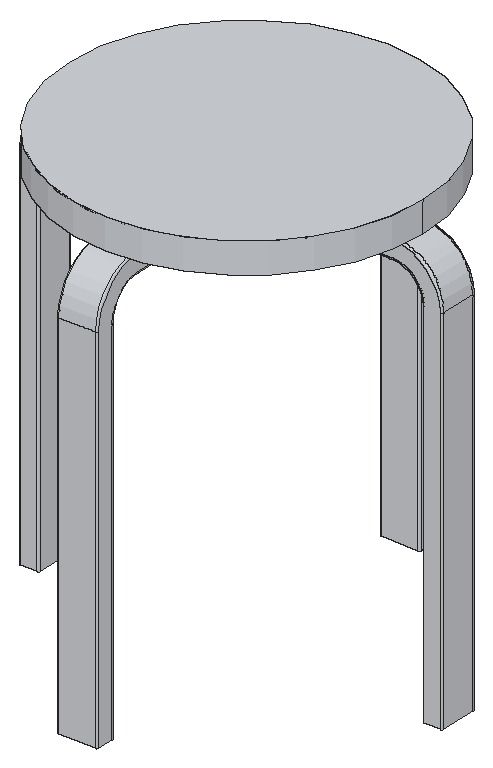
Revit family
Parameters (values of type "420 x 420mm")
  URL = ""
  Model = ""
  Material = none
  Manufacturer = "Revit"
  Description = "Stool"
  Assembly Code = "E2020200"
Reference planes
  plane 1 "Center (Front/Back)": y = 0
  plane 2: z = 0
  plane 3 "Center (Left/Right)": x = 0
  plane 4: x = -210
  plane 5: x = 210
Forms (mm)
  Sweep 1, solid, material <- "Material"
    path origin (0, 0, 0) x (1, 0, 0) y (0, 0, 1)
      loop
        line (-210, 0) -> (-210, 370)
        arc (-210, 370) -> (-195.355, 405.355) -> (-160, 420) r 50
        line (-160, 420) -> (-54.964, 420)
    profile origin (0, 0, 185) x (-1, 0, 0) y (0, -1, 0)
      loop
        arc (208, -20) -> (209.414, -19.414) -> (210, -18) r 2
        line (210, -18) -> (210, 18)
        arc (210, 18) -> (209.414, 19.414) -> (208, 20) r 2
        line (208, 20) -> (192, 20)
        arc (192, 20) -> (190.586, 19.414) -> (190, 18) r 2
        line (190, 18) -> (190, -18)
        arc (190, -18) -> (190.586, -19.414) -> (192, -20) r 2
        line (192, -20) -> (208, -20)
  Extrusion 2, solid, material <- "Material"
    sketch origin (0, 0, 420) x (1, 0, 0) y (0, 1, 0)
      loop
        circle (0, 0) r 175
    from 0 to 30
  Sweep 3, solid, material <- "Material"
    path origin (0, 0, 0) x (-1, 0, 0) y (0, 0, -1)
      loop
        line (-210, 0) -> (-210, -370)
        arc (-210, -370) -> (-195.355, -405.355) -> (-160, -420) r 50
        line (-160, -420) -> (-54.964, -420)
    profile origin (0, 0, 185) x (0, -1, 0) y (1, 0, 0)
      loop
        line (-20, 208) -> (-20, 192)
        arc (-20, 192) -> (-19.414, 190.586) -> (-18, 190) r 2
        line (-18, 190) -> (18, 190)
        arc (18, 190) -> (19.414, 190.586) -> (20, 192) r 2
        line (20, 192) -> (20, 208)
        arc (20, 208) -> (19.414, 209.414) -> (18, 210) r 2
        line (18, 210) -> (-18, 210)
        arc (-18, 210) -> (-19.414, 209.414) -> (-20, 208) r 2
  Sweep 4, solid, material <- "Material"
    path origin (0, 0, 0) x (0, 1, 0) y (0, 0, 1)
      loop
        line (-210, 0) -> (-210, 370)
        arc (-210, 370) -> (-195.355, 405.355) -> (-160, 420) r 50
        line (-160, 420) -> (-54.964, 420)
    profile origin (0, 0, 185) x (0, -1, 0) y (1, 0, 0)
      loop
        arc (208, -20) -> (209.414, -19.414) -> (210, -18) r 2
        line (210, -18) -> (210, 18)
        arc (210, 18) -> (209.414, 19.414) -> (208, 20) r 2
        line (208, 20) -> (192, 20)
        arc (192, 20) -> (190.586, 19.414) -> (190, 18) r 2
        line (190, 18) -> (190, -18)
        arc (190, -18) -> (190.586, -19.414) -> (192, -20) r 2
        line (192, -20) -> (208, -20)
  Sweep 5, solid, material <- "Material"
    path origin (0, 0, 0) x (0, -1, 0) y (0, 0, -1)
      loop
        line (-210, 0) -> (-210, -370)
        arc (-210, -370) -> (-195.355, -405.355) -> (-160, -420) r 50
        line (-160, -420) -> (-54.964, -420)
    profile origin (0, 0, 185) x (1, 0, 0) y (0, 1, 0)
      loop
        line (-20, 208) -> (-20, 192)
        arc (-20, 192) -> (-19.414, 190.586) -> (-18, 190) r 2
        line (-18, 190) -> (18, 190)
        arc (18, 190) -> (19.414, 190.586) -> (20, 192) r 2
        line (20, 192) -> (20, 208)
        arc (20, 208) -> (19.414, 209.414) -> (18, 210) r 2
        line (18, 210) -> (-18, 210)
        arc (-18, 210) -> (-19.414, 209.414) -> (-20, 208) r 2
Lines and regions (mm)
  symbolic lines
    curve 1: arc (175, 0, 0) -> (0, 175, 0) -> (-175, 0, 0) r 175
    curve 2: arc (-175, 0, 0) -> (0, -175, 0) -> (175, 0, 0) r 175
    curve 3: line (-20.033, 173.85, 0) -> (-20.033, 207.916, 0)
    curve 4: line (-18.033, 209.916, 0) -> (17.967, 209.916, 0)
    curve 5: line (19.967, 207.916, 0) -> (19.967, 173.857, 0)
    curve 6: arc (-20.033, 207.916, 0) -> (-19.447, 209.33, 0) -> (-18.033, 209.916, 0) r 2
    curve 7: arc (17.967, 209.916, 0) -> (19.381, 209.33, 0) -> (19.967, 207.916, 0) r 2
    curve 8: line (-20.033, -173.85, 0) -> (-20.033, -207.916, 0)
    curve 9: line (-18.033, -209.916, 0) -> (17.967, -209.916, 0)
    curve 10: line (19.967, -207.916, 0) -> (19.967, -173.857, 0)
    curve 11: arc (-20.033, -207.916, 0) -> (-19.447, -209.33, 0) -> (-18.033, -209.916, 0) r 2
    curve 12: arc (17.967, -209.916, 0) -> (19.381, -209.33, 0) -> (19.967, -207.916, 0) r 2
    curve 13: line (-173.883, -20, 0) -> (-207.949, -20, 0)
    curve 14: line (-209.949, -18, 0) -> (-209.949, 18, 0)
    curve 15: line (-207.949, 20, 0) -> (-173.89, 20, 0)
    curve 16: arc (-207.949, -20, 0) -> (-209.363, -19.414, 0) -> (-209.949, -18, 0) r 2
    curve 17: arc (-209.949, 18, 0) -> (-209.363, 19.414, 0) -> (-207.949, 20, 0) r 2
    curve 18: line (173.816, -20, 0) -> (207.883, -20, 0)
    curve 19: line (209.883, -18, 0) -> (209.883, 18, 0)
    curve 20: line (207.883, 20, 0) -> (173.824, 20, 0)
    curve 21: arc (207.883, -20, 0) -> (209.297, -19.414, 0) -> (209.883, -18, 0) r 2
    curve 22: arc (209.883, 18, 0) -> (209.297, 19.414, 0) -> (207.883, 20, 0) r 2
